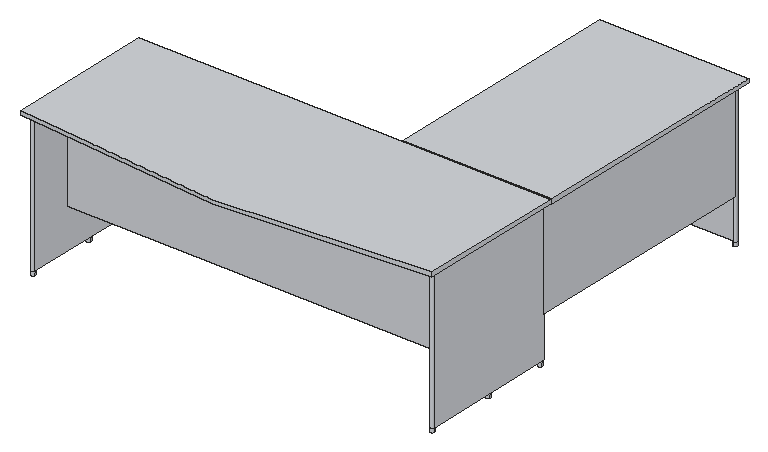
Revit family
Parameters (values of type "2000 x 2000")
  Model = ""
  Manufacturer = "Revit"
  Support Material = none
  Desk Material = none
  Description = "Desk"
  Assembly Code = ""
Reference planes
  plane 1 "Center (Front/Back)": y = 0
  plane 2: z = 0
  plane 3 "Center (Left/Right)": x = 0
  plane 4 "Top": z = 720
  plane 5: z = 700
  plane 6 "base": z = 20
  plane 7 "base1": z = 220
Forms (mm)
  Extrusion 1, solid, material <- "Desk Material"
    sketch origin (0, 0, 0) x (1, 0, 0) y (0, 1, 0)
      loop
        line (720, 1200) -> (0, 1200) -> (0, 5) -> (720, 5) -> (720, 1200)
      loop
        line (-1280, 0) -> (-1280, -720)
        arc (-1280, -720) -> (-280, -800) -> (720, -720) r 6290
        line (720, -720) -> (720, 0) -> (-1280, 0)
    from 700 to 720
  Extrusion 2, solid, material <- "Desk Material"
    sketch origin (0, 0, 20) x (0, -1, 0) y (1, 0, 0)
      loop
        line (15, -1260) -> (680, -1260)
        arc (680, -1260) -> (690, -1250) -> (680, -1240) r 10
        line (680, -1240) -> (15, -1240) -> (15, -1260)
      loop
        line (-1153.822, 21.11) -> (-1153.822, 686.11)
        arc (-1153.822, 686.11) -> (-1163.822, 696.11) -> (-1173.822, 686.11) r 10
        line (-1173.822, 686.11) -> (-1173.822, 21.11) -> (-1153.822, 21.11)
      loop
        line (15, 700) -> (15, 680) -> (680, 680)
        arc (680, 680) -> (690, 690) -> (680, 700) r 10
        line (680, 700) -> (15, 700)
    from 0 to 680
  Extrusion 3, solid, material <- "Desk Material"
    sketch origin (0, 0, 220) x (1, 0, 0) y (0, 1, 0)
      loop
        line (680, -15) -> (700, -15) -> (700, 1145) -> (680, 1145) -> (680, -15)
      loop
        line (-1240, -470) -> (-1240, -490) -> (680, -490) -> (680, -470) -> (-1240, -470)
    from 0 to 480
  Extrusion 4, solid, material <- "Support Material"
    sketch origin (0, 0, 220) x (1, 0, 0) y (0, 1, 0)
      loop
        circle (-1250, -26.581) r 10
      loop
        circle (-1250, -679.344) r 10
      loop
        circle (-1250, -341.581) r 10
      loop
        circle (690, -26.581) r 10
      loop
        circle (690, -679.344) r 10
      loop
        circle (690, -341.581) r 10
      loop
        circle (33.347, 1163.822) r 10
      loop
        circle (686.11, 1163.822) r 10
      loop
        circle (348.347, 1163.822) r 10
    from -220 to -200
Lines and regions (mm)
  symbolic lines
    curve 1: line (720, 1200, 0) -> (0, 1200, 0)
    curve 2: line (0, 1200, 0) -> (0, 0, 0)
    curve 3: line (0, 0, 0) -> (720, 0, 0)
    curve 4: line (720, 0, 0) -> (720, 1200, 0)
    curve 5: line (720, 0, 0) -> (-1280, 0, 0)
    curve 6: line (-1280, 0, 0) -> (-1280, -720, 0)
    curve 7: arc (-1280, -720, 0) -> (-280, -800, 0) -> (720, -720, 0) r 6290
    curve 8: line (720, -720, 0) -> (720, 0, 0)
Dimensions and locks
  locked: plane 4 "Top" to plane 5 at 20
  locked: Extrusion 2 sketch curve to Extrusion 2 sketch curve at 20  (x3)
  aligned and locked: Extrusion 1 to plane 4 "Top"
  aligned and locked: plane 5 to Extrusion 1
  aligned and locked: Extrusion 2 to Extrusion 1
  aligned and locked: Extrusion 3 to Extrusion 1
  aligned and locked: Extrusion 4 to plane 6 "base"
